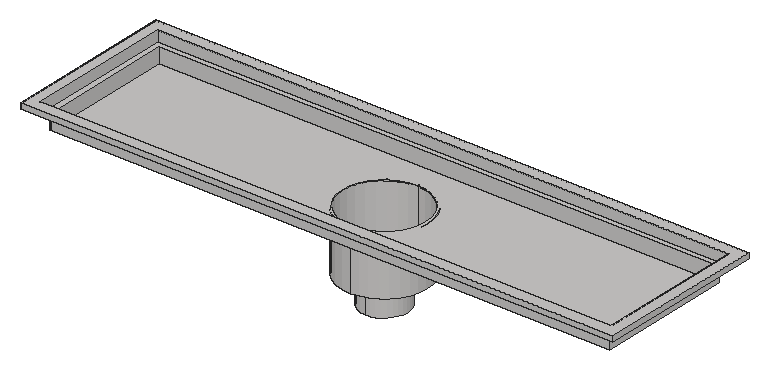
Revit family "QF_ELECTROLUXPROFESSIONAL_328063_FDB40140", category Attrezzature speciali, Revit 2020
Family settings
  Quota connettore circolare = Usa diametro
  Tipo di parte = Normale
  Basato su piano di lavoro = No
  Sempre verticale = Sì
  Taglio con vuoti quando caricato = No
  Condiviso = No
  Punto di calcolo locali = No
Parameters (values of type "Standard")
  Weight = 55.1156 lbm
  Watts = 0 W
  Volts = 0 V
  URL Manufacturer = "https://www.electroluxprofessional.com/"
  URL = "https://www.electroluxprofessional.com/"
  Steam Supply Size = 0"
  Steam Supply Minimum Pressure = 0.00 psi
  Steam Supply Maximum Pressure = 0.00 psi
  Steam Consumption per Hour = 0
  Refrigeration Suction Line Size = 0 mm
  Refrigeration Liquid Line Size = 0 mm
  Refrigerant Compressor Remote = yes
  Prospetto di default = 0 mm
  Phase = 0
  Modello = "FDB40140"
  Produttore = "Electrolux Professional"
  Length Actual = 1400 mm  # constant formula
  Item Number = "328063"
  Hot Water Size = 0"
  Height Actual = 265 mm  # constant formula
  HP = "0 HP"
  Gas Size = 0"
  Gas KW = 0
  Gas Input Pressure = 0.0 Btu/h
  Direct Waste Size = 3.93701"
  Descrizione = "FLR.DRAIN+GRATE+C.SIPH-VERT.OUT.400X1400"
  Depth Actual = 400 mm  # constant formula
  Cycle = 0 Hz
  Condensate Return Size = 0"
  Compressed Air Volume = 0 GPM
  Compressed Air Size = 0"
  Compressed Air Pressure = 0.00 psi
  Cold Water Size = 0"
  Assembly Code = ""
  Accessory = yes
Reference planes
  plane 1: z = 0
  plane 2 "Center (Front/Back)": y = -102.225
  plane 3 "Center (Left/Right)": x = 9.791
  plane 4 "TOP": z = -265
  plane 5 "Back": y = 97.775
  plane 6 "Front": y = -302.225
  plane 7: x = -140.209
  plane 8: x = 159.791
  plane 9 "Right": x = 709.791
  plane 10 "Left": x = -690.209
  plane 11: x = 684.791
Forms (mm)
  Revolve 1, solid, material "QF_Metal-Stainless-Polished"
    sketch origin (9.791, 0, 0) x (0, 1, 0) y (0, 0, 1)
      loop
        line (-2.225, -62) -> (0.775, -62) -> (0.775, -60) -> (-4.225, -60) -> (-4.225, -198) -> (-49.225, -198) -> (-49.225, -265) -> (-47.225, -265) -> (-47.225, -200) -> (-2.225, -200) -> (-2.225, -62)
      axis (-102.225, -265) -> (-102.225, -60)
    angle from 0 to 360
  Sweep 2, solid, material "QF_Finishes_Stainless Steel"
    path origin (0, 0, 0) x (1, 0, 0) y (0, 1, 0)
      loop
        line (-690.209, 97.775) -> (-690.209, -302.225) -> (709.791, -302.225) -> (709.791, 97.775) -> (-690.209, 97.775)
    profile origin (9.791, 97.775, 0) x (0, 1, 0) y (0, 0, 1)
      loop
        line (0, -11.945) -> (0, 1) -> (-26, 1) -> (-26, -25) -> (-40, -25) -> (-40, -59) -> (-50, -59) -> (-50, -60) -> (-39, -60) -> (-39, -26) -> (-25, -26) -> (-25, 0.055) -> (-1, 0.055) -> (-1, -11.945) -> (0, -11.945)
  Extrusion 3, solid, material "QF_Finishes_Stainless Steel"
    sketch origin (0, 0, 0) x (1, 0, 0) y (0, 1, 0)
      loop
        line (-640.209, 47.775) -> (-640.209, -252.225) -> (659.791, -252.225) -> (659.791, 47.775) -> (-640.209, 47.775)
      loop
        circle (9.791, -102.225) r 98
    from -59 to -60
Cuts and joins
  joined: Sweep 2, Extrusion 3
Lines and regions (mm)
  symbolic lines
    curve 1: line (-690.209, 97.775, 0) -> (709.791, 97.775, 0)
    curve 2: line (-690.209, -302.225, 0) -> (-690.209, 97.775, 0)
    curve 3: line (709.791, -302.225, 0) -> (-690.209, -302.225, 0)
    curve 4: line (709.791, 97.775, 0) -> (709.791, -302.225, 0)
    curve 5: circle (9.791, -102.225, 0) r 115 normal (0, 0, 1)
    curve 18: circle (9.791, -102.225, 0) r 115 normal (0, 0, -1)
    curve 24: circle (9.791, -102.225, 0) r 53 normal (0, 0, 1)
    curve 70: line (-665.209, 72.775, 0) -> (-665.209, -277.225, 0)
    curve 71: line (684.791, 72.775, 0) -> (-665.209, 72.775, 0)
    curve 72: line (-665.209, -277.225, 0) -> (684.791, -277.225, 0)
    curve 73: line (459.791, -277.225, 0) -> (459.791, 72.775, 0)
    curve 97: line (684.791, 72.775, 0) -> (684.791, -277.225, 0)
  model lines
    curve 6: line (-100.209, 71.775, 0) -> (-100.209, -276.225, 0)
    curve 7: line (-80.209, 71.775, 0) -> (-80.209, -276.225, 0)
    curve 8: line (-60.209, 71.775, 0) -> (-60.209, -276.225, 0)
    curve 9: line (-40.209, 71.775, 0) -> (-40.209, -276.225, 0)
    curve 10: line (-20.209, 71.775, 0) -> (-20.209, -276.225, 0)
    curve 11: line (-0.209, 71.775, 0) -> (-0.209, -276.225, 0)
    curve 12: line (19.791, 71.775, 0) -> (19.791, -276.225, 0)
    curve 13: line (39.791, 71.775, 0) -> (39.791, -276.225, 0)
    curve 14: line (59.791, 71.775, 0) -> (59.791, -276.225, 0)
    curve 15: line (79.791, 71.775, 0) -> (79.791, -276.225, 0)
    curve 16: line (99.791, 71.775, 0) -> (99.791, -276.225, 0)
    curve 17: line (119.791, 71.775, 0) -> (119.791, -276.225, 0)
    curve 19: line (-665.209, -22.225, 0) -> (684.791, -22.225, 0)
    curve 20: line (-665.209, -42.225, 0) -> (684.791, -42.225, 0)
    curve 21: line (-665.209, -62.225, 0) -> (684.791, -62.225, 0)
    curve 22: line (-665.209, -102.225, 0) -> (684.791, -102.225, 0)
    curve 23: line (-665.209, -122.225, 0) -> (684.791, -122.225, 0)
    curve 25: line (-665.209, 37.775, 0) -> (684.791, 37.775, 0)
    curve 26: line (-665.209, 17.775, 0) -> (684.791, 17.775, 0)
    curve 27: line (-665.209, -2.225, 0) -> (684.791, -2.225, 0)
    curve 28: line (-665.209, -202.225, 0) -> (684.791, -202.225, 0)
    curve 29: line (-665.209, -182.225, 0) -> (684.791, -182.225, 0)
    curve 30: line (-665.209, -162.225, 0) -> (684.791, -162.225, 0)
    curve 31: line (-665.209, -142.225, 0) -> (684.791, -142.225, 0)
    curve 32: line (-665.209, -262.225, 0) -> (684.791, -262.225, 0)
    curve 33: line (-665.209, -242.225, 0) -> (684.791, -242.225, 0)
    curve 34: line (-665.209, -222.225, 0) -> (684.791, -222.225, 0)
    curve 35: line (-665.209, 57.775, 0) -> (684.791, 57.775, 0)
    curve 36: line (139.791, 71.775, 0) -> (139.791, -276.225, 0)
    curve 37: line (159.791, 71.775, 0) -> (159.791, -276.225, 0)
    curve 38: line (179.791, 71.775, 0) -> (179.791, -276.225, 0)
    curve 39: line (199.791, 71.775, 0) -> (199.791, -276.225, 0)
    curve 40: line (219.791, 71.775, 0) -> (219.791, -276.225, 0)
    curve 41: line (239.791, 71.775, 0) -> (239.791, -276.225, 0)
    curve 42: line (259.791, 71.775, 0) -> (259.791, -276.225, 0)
    curve 43: line (279.791, 71.775, 0) -> (279.791, -276.225, 0)
    curve 44: line (299.791, 71.775, 0) -> (299.791, -276.225, 0)
    curve 45: line (319.791, 71.775, 0) -> (319.791, -276.225, 0)
    curve 46: line (339.791, 71.775, 0) -> (339.791, -276.225, 0)
    curve 47: line (359.791, 71.775, 0) -> (359.791, -276.225, 0)
    curve 48: line (379.791, 71.775, 0) -> (379.791, -276.225, 0)
    curve 49: line (399.791, 71.775, 0) -> (399.791, -276.225, 0)
    curve 50: line (419.791, 71.775, 0) -> (419.791, -276.225, 0)
    curve 51: line (439.791, 71.775, 0) -> (439.791, -276.225, 0)
    curve 52: line (459.791, 72.775, 0) -> (459.791, -277.225, 0)
    curve 53: line (-665.209, -82.225, 0) -> (684.791, -82.225, 0)
    curve 54: line (-580.209, 71.775, 0) -> (-580.209, -276.225, 0)
    curve 55: line (-560.209, 71.775, 0) -> (-560.209, -276.225, 0)
    curve 56: line (-540.209, 71.775, 0) -> (-540.209, -276.225, 0)
    curve 57: line (-520.209, 71.775, 0) -> (-520.209, -276.225, 0)
    curve 58: line (-500.209, 71.775, 0) -> (-500.209, -276.225, 0)
    curve 59: line (-480.209, 71.775, 0) -> (-480.209, -276.225, 0)
    curve 60: line (-460.209, 71.775, 0) -> (-460.209, -276.225, 0)
    curve 61: line (-440.209, 71.775, 0) -> (-440.209, -276.225, 0)
    curve 62: line (-420.209, 71.775, 0) -> (-420.209, -276.225, 0)
    curve 63: line (-400.209, 71.775, 0) -> (-400.209, -276.225, 0)
    curve 64: line (-160.209, 71.775, 0) -> (-160.209, -276.225, 0)
    curve 65: line (-140.209, 71.775, 0) -> (-140.209, -276.225, 0)
    curve 66: line (-120.209, 71.775, 0) -> (-120.209, -276.225, 0)
    curve 67: line (-640.209, 71.775, 0) -> (-640.209, -276.225, 0)
    curve 68: line (-620.209, 71.775, 0) -> (-620.209, -276.225, 0)
    curve 69: line (-600.209, 71.775, 0) -> (-600.209, -276.225, 0)
    curve 74: line (-380.209, 71.775, 0) -> (-380.209, -276.225, 0)
    curve 75: line (-360.209, 71.775, 0) -> (-360.209, -276.225, 0)
    curve 76: line (-340.209, 71.775, 0) -> (-340.209, -276.225, 0)
    curve 77: line (-320.209, 71.775, 0) -> (-320.209, -276.225, 0)
    curve 78: line (-300.209, 71.775, 0) -> (-300.209, -276.225, 0)
    curve 79: line (-280.209, 71.775, 0) -> (-280.209, -276.225, 0)
    curve 80: line (-260.209, 71.775, 0) -> (-260.209, -276.225, 0)
    curve 81: line (-240.209, 71.775, 0) -> (-240.209, -276.225, 0)
    curve 82: line (-220.209, 71.775, 0) -> (-220.209, -276.225, 0)
    curve 83: line (-200.209, 71.775, 0) -> (-200.209, -276.225, 0)
    curve 84: line (-180.209, 71.775, 0) -> (-180.209, -276.225, 0)
    curve 85: line (-660.209, 71.775, 0) -> (-660.209, -276.225, 0)
    curve 86: line (479.791, 71.775, 0) -> (479.791, -276.225, 0)
    curve 87: line (499.791, 71.775, 0) -> (499.791, -276.225, 0)
    curve 88: line (519.791, 71.775, 0) -> (519.791, -276.225, 0)
    curve 89: line (539.791, 71.775, 0) -> (539.791, -276.225, 0)
    curve 90: line (559.791, 71.775, 0) -> (559.791, -276.225, 0)
    curve 91: line (579.791, 71.775, 0) -> (579.791, -276.225, 0)
    curve 92: line (599.791, 71.775, 0) -> (599.791, -276.225, 0)
    curve 93: line (619.791, 71.775, 0) -> (619.791, -276.225, 0)
    curve 94: line (639.791, 71.775, 0) -> (639.791, -276.225, 0)
    curve 95: line (659.791, 71.775, 0) -> (659.791, -276.225, 0)
    curve 96: line (679.791, 71.775, 0) -> (679.791, -276.225, 0)
Dimensions and locks
  equal spacing: plane 8, plane 3 "Center (Left/Right)", plane 7
  level to plane 4 "TOP" = 265 mm
  locked: Revolve 1 sketch curve to Revolve 1 sketch curve at 100
  locked: Revolve 1 sketch curve to Revolve 1 sketch curve at 55
  locked: plane 8 to plane 7 at 300
  equal spacing: plane 6 "Front", plane 2 "Center (Front/Back)", plane 5 "Back"
  locked: plane 6 "Front" to plane 5 "Back" at 400
  equal spacing: plane 10 "Left", plane 3 "Center (Left/Right)", plane 9 "Right"
  locked: plane 10 "Left" to plane 9 "Right" at 1400
  locked: plane 11 to plane 9 "Right" at 25
  aligned and locked: level to plane 1
  aligned and locked: Sweep 2 sketch curve to plane 9 "Right"
  aligned and locked: curve 4 to plane 9 "Right"
  aligned and locked: plane 10 "Left" to Sweep 2 sketch curve
  aligned and locked: plane 10 "Left" to curve 2
  aligned and locked: plane 11 to curve 25
Automatic sketch dimensions
  plane 6 "Front" to Sweep 2 sketch curve = 0 mm
  plane 5 "Back" to Sweep 2 sketch curve = 0 mm
  level to Sweep 2 sketch curve = 1 mm
  Sweep 2 sketch curve to profile plane = 0 mm
  profile plane to Sweep 2 sketch curve = 1 mm
  profile plane to Sweep 2 sketch curve = 25 mm
  Sweep 2 sketch curve to Sweep 2 sketch curve = 1 mm  (x4)
  Sweep 2 sketch curve to Sweep 2 sketch curve = 14 mm
  level to Sweep 2 sketch curve = 0.055 mm
  Sweep 2 sketch curve to Sweep 2 sketch curve = 12 mm
  Sweep 2 sketch curve to level = 25 mm
  Sweep 2 sketch curve to Sweep 2 sketch curve = 33 mm
  Sweep 2 sketch curve to Sweep 2 sketch curve = 10 mm
  Extrusion 3 sketch curve to plane 2 "Center (Front/Back)" = 0 mm
  Extrusion 3 sketch curve to plane 3 "Center (Left/Right)" = 0 mm
  Extrusion 3 sketch curve to plane 9 "Right" = 50 mm
  Extrusion 3 sketch curve to plane 6 "Front" = 50 mm
  plane 5 "Back" to Extrusion 3 sketch curve = 50 mm
  plane 10 "Left" to Extrusion 3 sketch curve = 50 mm
  Revolve 1 sketch curve to plane 2 "Center (Front/Back)" = 0 mm
  Revolve 1 sketch curve to plane 4 "TOP" = 0 mm
  Revolve 1 sketch curve to Revolve 1 sketch curve = 2 mm  (x4)
  Revolve 1 sketch curve to Revolve 1 sketch curve = 3 mm
  plane 4 "TOP" to Revolve 1 sketch curve = 65 mm
  Revolve 1 sketch curve to level = 60 mm
  Revolve 1 sketch curve to plane 4 "TOP" = 344.6 mm
  level to Revolve 1 sketch curve = 2466.13 mm
  curve 5 to curve 18 = 0 mm  (x2)
  curve 5 to curve 24 = 0 mm  (x2)
  curve 22 to plane 2 "Center (Front/Back)" = 0 mm
  curve 65 to plane 7 = 0 mm
  curve 24 to plane 2 "Center (Front/Back)" = 0 mm
  curve 24 to plane 3 "Center (Left/Right)" = 0 mm
  curve 37 to plane 8 = 0 mm
  plane 6 "Front" to curve 3 = 0 mm
  plane 5 "Back" to curve 1 = 0 mm
  plane 10 "Left" to curve 70 = 25 mm
  plane 5 "Back" to curve 52 = 25 mm
  plane 11 to curve 52 = 225 mm
  curve 72 to plane 6 "Front" = 25 mm
  curve 73 to plane 6 "Front" = 25 mm
  plane 5 "Back" to curve 71 = 25 mm
  curve 70 to curve 85 = 5 mm
  curve 85 to curve 67 = 20 mm
  curve 67 to curve 68 = 20 mm
  curve 68 to curve 69 = 20 mm
  curve 69 to curve 54 = 20 mm
  curve 54 to curve 55 = 20 mm
  curve 55 to curve 56 = 20 mm
  curve 56 to curve 57 = 20 mm
  curve 57 to curve 58 = 20 mm
  curve 58 to curve 59 = 20 mm
  curve 59 to curve 60 = 20 mm
  curve 60 to curve 61 = 20 mm
  curve 61 to curve 62 = 20 mm
  curve 62 to curve 63 = 20 mm
  curve 63 to curve 74 = 20 mm
  curve 74 to curve 75 = 20 mm
  curve 75 to curve 76 = 20 mm
  curve 76 to curve 77 = 20 mm
  curve 77 to curve 78 = 20 mm
  curve 78 to curve 79 = 20 mm
  curve 79 to curve 80 = 20 mm
  curve 80 to curve 81 = 20 mm
  curve 81 to curve 82 = 20 mm
  curve 82 to curve 83 = 20 mm
  curve 83 to curve 84 = 20 mm
  curve 64 to plane 7 = 20 mm
  curve 65 to curve 66 = 20 mm
  curve 66 to curve 6 = 20 mm
  curve 6 to curve 7 = 20 mm
  curve 7 to curve 8 = 20 mm
  curve 8 to curve 9 = 20 mm
  curve 9 to curve 10 = 20 mm
  curve 11 to plane 3 "Center (Left/Right)" = 10 mm
  plane 3 "Center (Left/Right)" to curve 12 = 10 mm
  curve 12 to curve 13 = 20 mm
  curve 13 to curve 14 = 20 mm
  curve 14 to curve 15 = 20 mm
  curve 15 to curve 16 = 20 mm
  curve 16 to curve 17 = 20 mm
  curve 17 to curve 36 = 20 mm
  plane 8 to curve 38 = 20 mm
  curve 38 to curve 39 = 20 mm
  curve 39 to curve 40 = 20 mm
  curve 40 to curve 41 = 20 mm
  curve 41 to curve 42 = 20 mm
  curve 42 to curve 43 = 20 mm
  curve 43 to curve 44 = 20 mm
  curve 44 to curve 45 = 20 mm
  curve 45 to curve 46 = 20 mm
  curve 46 to curve 47 = 20 mm
  curve 47 to curve 48 = 20 mm
  curve 48 to curve 49 = 20 mm
  curve 49 to curve 50 = 20 mm
  curve 50 to curve 51 = 20 mm
  curve 52 to curve 86 = 20 mm
  curve 86 to curve 87 = 20 mm
  curve 87 to curve 88 = 20 mm
  curve 88 to curve 89 = 20 mm
  curve 89 to curve 90 = 20 mm
  curve 90 to curve 91 = 20 mm
  curve 91 to curve 92 = 20 mm
  curve 92 to curve 93 = 20 mm
  curve 93 to curve 94 = 20 mm
  curve 94 to curve 95 = 20 mm
  plane 11 to curve 96 = 5 mm
  curve 6 to plane 6 "Front" = 26 mm
  curve 88 to plane 6 "Front" = 26 mm
  curve 6 to curve 7 = 0 mm  (x2)
  curve 87 to curve 88 = 0 mm  (x2)
  curve 7 to curve 8 = 0 mm  (x2)
  curve 86 to curve 87 = 0 mm  (x2)
  curve 8 to curve 9 = 0 mm  (x2)
  curve 70 to curve 85 = 1 mm
  curve 9 to curve 10 = 0 mm  (x2)
  curve 84 to plane 6 "Front" = 26 mm
  curve 10 to curve 11 = 0 mm  (x2)
  curve 83 to curve 84 = 0 mm  (x2)
  curve 11 to curve 12 = 0 mm  (x2)
  curve 82 to curve 83 = 0 mm  (x2)
  curve 12 to curve 13 = 0 mm  (x2)
  curve 81 to curve 82 = 0 mm  (x2)
  curve 13 to curve 14 = 0 mm  (x2)
  curve 80 to curve 81 = 0 mm  (x2)
  curve 14 to curve 15 = 0 mm  (x2)
  curve 79 to curve 80 = 0 mm  (x2)
  curve 88 to curve 89 = 0 mm  (x2)
  curve 78 to curve 79 = 0 mm  (x2)
  curve 17 to plane 6 "Front" = 26 mm
  curve 77 to curve 78 = 0 mm  (x2)
  curve 76 to curve 77 = 0 mm  (x2)
  curve 75 to curve 76 = 0 mm  (x2)
  curve 74 to curve 75 = 0 mm  (x2)
  curve 89 to curve 90 = 0 mm  (x2)
  curve 97 to curve 95 = 1 mm
  curve 90 to curve 91 = 0 mm  (x2)
  curve 93 to plane 6 "Front" = 26 mm
  curve 97 to curve 96 = 1 mm
  curve 93 to curve 94 = 0 mm  (x2)
  curve 69 to plane 6 "Front" = 26 mm
  curve 68 to curve 69 = 0 mm  (x2)
  curve 67 to curve 68 = 0 mm  (x2)
  curve 66 to curve 6 = 0 mm
  curve 65 to curve 66 = 0 mm  (x2)
  curve 64 to curve 65 = 0 mm  (x2)
  curve 63 to curve 74 = 0 mm  (x2)
  curve 62 to curve 63 = 0 mm  (x2)
  curve 61 to curve 62 = 0 mm  (x2)
  curve 60 to curve 61 = 0 mm  (x2)
  curve 59 to curve 60 = 0 mm  (x2)
  curve 58 to curve 59 = 0 mm
  curve 57 to curve 58 = 0 mm  (x2)
  curve 56 to curve 57 = 0 mm  (x2)
  curve 55 to curve 56 = 0 mm  (x2)
  curve 54 to curve 55 = 0 mm  (x2)
  curve 16 to curve 17 = 0 mm  (x2)
  curve 52 to curve 51 = 1 mm
  curve 50 to curve 51 = 0 mm  (x2)
  curve 49 to curve 50 = 0 mm  (x2)
  curve 48 to curve 49 = 0 mm  (x2)
  curve 47 to curve 48 = 0 mm  (x2)
  curve 46 to curve 47 = 0 mm  (x2)
  curve 45 to curve 46 = 0 mm  (x2)
  curve 44 to curve 45 = 0 mm  (x2)
  curve 17 to curve 36 = 0 mm  (x2)
  curve 43 to curve 44 = 0 mm  (x2)
  curve 36 to curve 37 = 0 mm  (x2)
  curve 42 to curve 43 = 0 mm  (x2)
  curve 37 to curve 38 = 0 mm  (x2)
  curve 41 to curve 42 = 0 mm  (x2)
  curve 38 to curve 39 = 0 mm  (x2)
  curve 39 to curve 40 = 0 mm  (x2)
  curve 91 to curve 92 = 0 mm  (x2)
  curve 96 to curve 32 = 14 mm
  curve 32 to curve 33 = 20 mm
  curve 33 to curve 34 = 20 mm
  curve 34 to curve 28 = 20 mm
  curve 28 to curve 29 = 20 mm
  curve 29 to curve 30 = 20 mm
  curve 30 to curve 31 = 20 mm
  curve 23 to curve 22 = 20 mm
  plane 2 "Center (Front/Back)" to curve 53 = 20 mm
  curve 53 to curve 21 = 20 mm
  curve 21 to curve 20 = 20 mm
  curve 20 to curve 19 = 20 mm
  curve 19 to curve 27 = 20 mm
  curve 27 to curve 26 = 20 mm
  curve 26 to curve 25 = 20 mm
  curve 35 to curve 71 = 15 mm
  plane 5 "Back" to curve 57 = 26 mm
  plane 5 "Back" to curve 60 = 26 mm
  curve 95 to curve 71 = 1 mm
  curve 51 to curve 52 = 1 mm
  plane 5 "Back" to curve 65 = 26 mm
  curve 67 to curve 70 = 1 mm
  curve 94 to curve 95 = 0 mm
  plane 5 "Back" to curve 36 = 26 mm
  curve 15 to curve 16 = 0 mm
  curve 85 to curve 70 = 1 mm
  curve 86 to curve 52 = 1 mm
  curve 96 to curve 71 = 1 mm
  radius of Extrusion 3 sketch curve = 98 mm
  radius of curve 5 = 115 mm
  radius of curve 18 = 115 mm
  radius of curve 24 = 53 mm
Connectors
  piping at (9.791, -102.225, -265), diameter 100, driven by "Direct Waste Size"
    settings: on Revolve 1, index 1, connector inside diameter 24", connector length 0 mm, flow factor 0, pipe flow 0 GPM, pressure drop 0.00 psi, fitting loss kfactor 0, connector angle 0.00°, fixture units 0, engagement length 0 mm, angle of deflection 0.00°, flow configuration 1, flow direction 2, fitting loss method 0, system type 16, joint type 0, gender type 0, connector reference index -1, connector utility 0, adjustable connector no, is connector primary yes, connector description "Drain"
